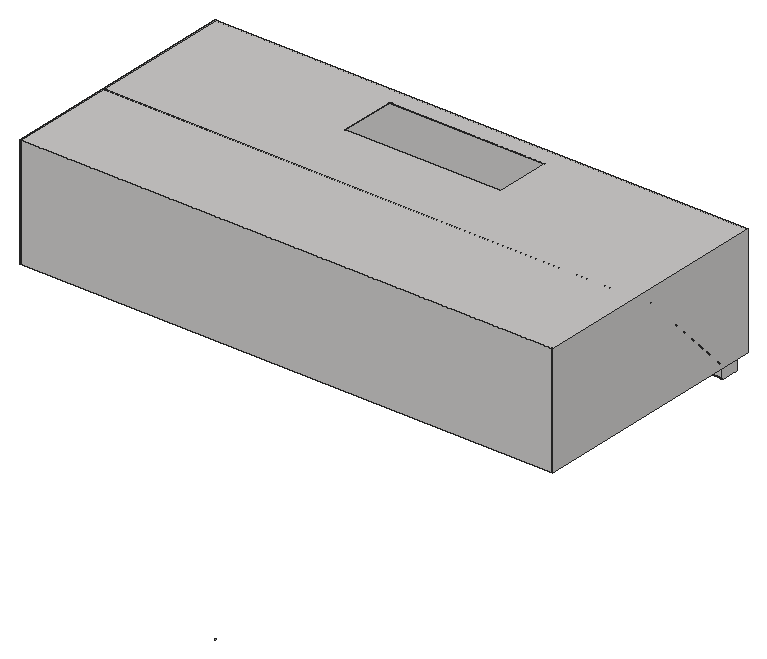
Revit family "QF_ELECTROLUXPROFESSIONAL_642018_EP1124T", category Specialty Equipment, Revit 2014
Reference planes
  plane 1 "Center (Front/Back)": y = 0
  plane 2: z = 0
  plane 3 "Center (Left/Right)": x = 150
  plane 4 "LEFT": x = -1050
  plane 5 "RIGHT": x = 1350
  plane 6 "BACK": y = 550
  plane 7 "FRONT": y = -550
  plane 8 "TOP": z = 2500
  plane 9 "Base": z = 2000
  plane 10: z = 1926
  plane 11 "DrainY": y = 485
  plane 12: x = -1047
  plane 13: through (0, 414.509, 2000.8) normal (0, 0.7314, 0.682)
  plane 14: y = 470
  plane 15: y = 220
  plane 16 "DrainX": x = 1230
  plane 17: x = 500
  plane 18: x = -200
  plane 19: x = 1347
  plane 20: x = 1140
  plane 21: x = 1320
  plane 22: x = -1010
  plane 23: x = -645
  plane 24: x = -450
  plane 25: x = 1310
  plane 26: x = 945
  plane 27: x = 750
  plane 28: x = -47.5
  plane 29: x = 347.5
Forms (mm)
  Extrusion 1, solid, material "QF_Finishes_Stainless Steel"
    sketch origin (-1050, 0, 360) x (0, 1, 0) y (0, 0, 1)
      loop
        line (550, 1640) -> (550, 2140) -> (-550, 2140) -> (-550, 1640) -> (550, 1640)
    from 0 to 3
  Extrusion 2, solid, material "QF_Finishes_Stainless Steel"
    sketch origin (150, 0, 360) x (0, 1, 0) y (0, 0, 1)
      loop
        line (415.255, 1640) -> (550, 1640) -> (550, 2139.19) -> (549.2, 2139.19) -> (549.2, 1640.8) -> (415.876, 1640.8) -> (339.347, 1722.867) -> (349.609, 1732.436) -> (348.927, 1733.167) -> (337.934, 1722.917) -> (415.255, 1640)
      loop
        line (-82.203, 2139.19) -> (-82.203, 2118.6) -> (-31.047, 2118.6) -> (34.354, 2048.466) -> (46.028, 2059.352) -> (45.346, 2060.083) -> (34.403, 2049.879) -> (-30.612, 2119.6) -> (-81.203, 2119.6) -> (-81.203, 2139.19) -> (-82.203, 2139.19)
    from -1197 to 1197
  Extrusion 3, solid, material "QF_Finishes_Stainless Steel"
    sketch origin (1350, 0, 360) x (0, 1, 0) y (0, 0, 1)
      loop
        line (550, 1640) -> (550, 2140) -> (-550, 2140) -> (-550, 1640) -> (550, 1640)
    from 0 to -3
  Extrusion 4, solid, material "QF_Finishes_Stainless Steel"
    sketch origin (150, 0, 360) x (0, 1, 0) y (0, 0, 1)
      loop
        line (-550, 2140) -> (-550, 1640) -> (-549.2, 1640) -> (-549.2, 2139.19) -> (550, 2139.19) -> (550, 2140) -> (-550, 2140)
    from -1200 to 1200
  Extrusion 5, solid, material "QF_Finishes_Stainless Steel"
    sketch origin (150, 0, 360) x (0, 1, 0) y (0, 0, 1)
      loop
        line (534, 1640) -> (436, 1640) -> (436, 1627) -> (443.5, 1627) -> (443.5, 1576)
        arc (443.5, 1576) -> (446.429, 1568.929) -> (453.5, 1566) r 10
        line (453.5, 1566) -> (516.5, 1566)
        arc (516.5, 1566) -> (523.571, 1568.929) -> (526.5, 1576) r 10
        line (526.5, 1576) -> (526.5, 1627) -> (534, 1627) -> (534, 1640)
    from 990 to 1170
  Extrusion 6, solid, material "QF_Finishes_Stainless Steel"
    sketch origin (0, 0, 2000) x (0, 1, 0) y (-1, 0, 0)
      loop
        circle (485, -1230) r 20
    from -76 to -74
  Extrusion 7, solid, material "QF_Finished_Chrome"
    sketch origin (150, 0, 360) x (0, 1, 0) y (0, 0, 1)
      loop
        line (337.934, 1722.917) -> (341.591, 1726.327) -> (38.011, 2051.876) -> (34.354, 2048.466) -> (337.934, 1722.917)
    from -795 to -1160
  Extrusion 8, solid, material "QF_Finished_Chrome"
    sketch origin (150, 0, 360) x (0, 1, 0) y (0, 0, 1)
      loop
        line (337.934, 1722.917) -> (341.591, 1726.327) -> (38.011, 2051.876) -> (34.354, 2048.466) -> (337.934, 1722.917)
    from -197.5 to -600
  Extrusion 9, solid, material "QF_Finishes_Stainless Steel"
    sketch origin (150, 0, 360) x (0, 1, 0) y (0, 0, 1)
      loop
        line (337.934, 1722.917) -> (341.591, 1726.327) -> (38.011, 2051.876) -> (34.354, 2048.466) -> (337.934, 1722.917)
    from 1197 to 1160
  Extrusion 10, solid, material "QF_Finishes_Stainless Steel"
    sketch origin (150, 0, 360) x (0, 1, 0) y (0, 0, 1)
      loop
        line (341.588, 1726.324) -> (38.009, 2051.874) -> (34.354, 2048.466) -> (337.934, 1722.917) -> (341.588, 1726.324)
    from -795 to -600
  Extrusion 11, solid, material "QF_Finished_Chrome"
    sketch origin (150, 0, 360) x (0, 1, 0) y (0, 0, 1)
      loop
        line (341.588, 1726.324) -> (38.009, 2051.874) -> (34.354, 2048.466) -> (337.934, 1722.917) -> (341.588, 1726.324)
    from 795 to 1160
  Extrusion 12, void
    sketch origin (0, 0, 2500) x (0, 1, 0) y (-1, 0, 0)
      loop
        line (470, 200) -> (220, 200) -> (220, -500) -> (470, -500) -> (470, 200)
    from 0 to -10
  Extrusion 13, solid, material "QF_Finishes_Stainless Steel"
    sketch origin (0, 0, 0) x (1, 0, 0) y (0, 1, 0)
      loop
        line (-1050, 550) -> (-1050, 549) -> (-1049, 549) -> (-1049, 550) -> (-1050, 550)
    from 0 to 1
  Extrusion 14, solid, material "QF_Finishes_Stainless Steel"
    sketch origin (150, 0, 360) x (0, 1, 0) y (0, 0, 1)
      loop
        line (337.934, 1722.917) -> (341.591, 1726.327) -> (38.011, 2051.876) -> (34.354, 2048.466) -> (337.934, 1722.917)
    from -1160 to -1197
  Extrusion 15, solid, material "QF_Finishes_Stainless Steel"
    sketch origin (150, 0, 360) x (0, 1, 0) y (0, 0, -1)
      loop
        line (341.588, -1726.324) -> (337.934, -1722.917) -> (34.354, -2048.466) -> (38.009, -2051.874) -> (341.588, -1726.324)
    from -795 to -600
  Extrusion 16, solid, material "QF_Finished_Chrome"
    sketch origin (150, 0, 360) x (0, 1, 0) y (0, 0, 1)
      loop
        line (337.934, 1722.917) -> (341.591, 1726.327) -> (38.011, 2051.876) -> (34.354, 2048.466) -> (337.934, 1722.917)
    from 600 to 197.5
  Extrusion 17, solid, material "QF_Finishes_Stainless Steel"
    sketch origin (150, 0, 360) x (0, 1, 0) y (0, 0, -1)
      loop
        line (341.588, -1726.324) -> (337.934, -1722.917) -> (34.354, -2048.466) -> (38.009, -2051.874) -> (341.588, -1726.324)
    from -197.5 to 197.5
Cuts and joins
  Extrusion 12 cuts Extrusion 4
  joined: Extrusion 2, Extrusion 4
Lines and regions (mm)
  reference lines
    curve 1: line (150, 34.354, 2408.466) -> (150, 34.354, 2248.466)
  symbolic lines, style "SpecialityEquipment", detail levels coarse
    curve 2: line (1350, 550, 2500) -> (-1050, 550, 2500)
    curve 3: line (-1050, 550, 2500) -> (-1050, -550, 2500)
    curve 4: line (1350, -550, 2500) -> (1350, 550, 2500)
    curve 5: line (-1050, -550, 2500) -> (1350, -550, 2500)
    curve 6: line (-200, 220, 2500) -> (500, 220, 2500)
    curve 7: line (-200, 470, 2500) -> (-200, 220, 2500)
    curve 8: line (500, 470, 2500) -> (-200, 470, 2500)
    curve 9: line (500, 220, 2500) -> (500, 470, 2500)
    curve 10: line (-1050, 550, 0) -> (1350, -550, 0)
    curve 11: line (1350, 550, 0) -> (-1050, -550, 0)
Dimensions and locks
  plane 4 "LEFT" to plane 5 "RIGHT" = 2400 mm
  equal spacing: plane 4 "LEFT", plane 3 "Center (Left/Right)", plane 5 "RIGHT"
  plane 9 "Base" to plane 10 = 74 mm
  plane 6 "BACK" to plane 11 "DrainY" = 65 mm  (x2)
  plane 4 "LEFT" to plane 12 = 3 mm
  plane 6 "BACK" to plane 14 = 80 mm
  plane 14 to plane 15 = 250 mm  (x2)
  plane 16 "DrainX" to plane 5 "RIGHT" = 120 mm
  plane 19 to plane 5 "RIGHT" = 3 mm
  locked: plane 20 to plane 16 "DrainX" at 90
  locked: plane 16 "DrainX" to plane 21 at 90
  plane 6 "BACK" to plane 7 "FRONT" = 1100 mm  (x2)
  equal spacing: plane 6 "BACK", plane 1 "Center (Front/Back)", plane 7 "FRONT"
  plane 15 to plane 7 "FRONT" = 770 mm
  plane 14 to plane 6 "BACK" = 80 mm
  locked: plane 4 "LEFT" to plane 22 at 40
  locked: plane 22 to plane 23 at 365
  locked: plane 23 to plane 24 at 195
  locked: plane 25 to plane 26 at 365
  locked: plane 26 to plane 27 at 195
  locked: plane 25 to plane 5 "RIGHT" at 40
  locked: plane 28 to plane 29 at 395
  equal spacing: plane 28, plane 3 "Center (Left/Right)", plane 29
  locked: plane 18 to plane 17 at 700
  equal spacing: plane 18, plane 3 "Center (Left/Right)", plane 17
  plane 24 to plane 28 = 402.5 mm
  plane 29 to plane 27 = 402.5 mm
  locked: plane 9 "Base" to level at 2000
  locked: plane 8 "TOP" to plane 9 "Base" at 500
  aligned and locked: level to plane 2
  aligned and locked: Extrusion 2 to Extrusion 1
  aligned and locked: Extrusion 2 to Extrusion 3
  aligned and locked: plane 5 "RIGHT" to Extrusion 4
  aligned and locked: Extrusion 4 to plane 4 "LEFT"
  aligned and locked: plane 19 to Extrusion 9
  aligned and locked: plane 18 to Extrusion 12
  aligned and locked: Extrusion 12 to plane 17
  aligned and locked: Extrusion 12 to plane 15
  aligned and locked: Extrusion 12 to plane 14
  aligned and locked: Extrusion 2 to Extrusion 4
  aligned and locked: plane 21 to Extrusion 5
  aligned and locked: Extrusion 5 to plane 20
  aligned and locked: Extrusion 9 to plane 25
  aligned and locked: Extrusion 11 to plane 25
  aligned and locked: Extrusion 11 to plane 26
  aligned and locked: Extrusion 8 to plane 24
  aligned and locked: plane 24 to Extrusion 10
  aligned and locked: Extrusion 10 to plane 23
  aligned and locked: plane 23 to Extrusion 7
  aligned and locked: Extrusion 7 to plane 22
  aligned and locked: Extrusion 14 to plane 12
  aligned and locked: plane 22 to Extrusion 14
  aligned and locked: Extrusion 15 to plane 27
  aligned and locked: Extrusion 15 to plane 26
  aligned and locked: Extrusion 3 to plane 19
  aligned and locked: plane 28 to Extrusion 8
  aligned and locked: Extrusion 16 to plane 27
  aligned and locked: Extrusion 16 to plane 29
  aligned and locked: plane 29 to Extrusion 17
  aligned and locked: Extrusion 17 to plane 28
Automatic sketch dimensions
  curve 5 to plane 4 "LEFT" = 0 mm
  curve 5 to plane 7 "FRONT" = 0 mm
  curve 9 to plane 15 = 0 mm
  plane 14 to curve 8 = 0 mm
  curve 3 to plane 6 "BACK" = 0 mm
  curve 5 to plane 5 "RIGHT" = 0 mm
  curve 6 to plane 17 = 0 mm
  curve 6 to plane 18 = 0 mm
  Extrusion 1 sketch curve to plane 9 "Base" = 0 mm
  Extrusion 1 sketch curve to plane 6 "BACK" = 0 mm
  Extrusion 1 sketch curve to plane 8 "TOP" = 0 mm
  Extrusion 2 sketch curve to plane 13 = 0 mm  (x3)
  Extrusion 2 sketch curve to plane 9 "Base" = 0 mm
  plane 13 to Extrusion 2 sketch curve = 0 mm
  Extrusion 2 sketch curve to plane 6 "BACK" = 0 mm
  Extrusion 2 sketch curve to Extrusion 2 sketch curve = 65.646 mm
  Extrusion 2 sketch curve to Extrusion 2 sketch curve = 0.682 mm  (x2)
  Extrusion 2 sketch curve to Extrusion 2 sketch curve = 10.261 mm
  plane 9 "Base" to Extrusion 2 sketch curve = 82.917 mm
  Extrusion 2 sketch curve to plane 1 "Center (Front/Back)" = 46.028 mm
  Extrusion 2 sketch curve to Extrusion 2 sketch curve = 10.942 mm
  Extrusion 2 sketch curve to Extrusion 2 sketch curve = 0.049 mm
  Extrusion 2 sketch curve to plane 8 "TOP" = 20.4 mm
  Extrusion 2 sketch curve to plane 8 "TOP" = 21.4 mm
  Extrusion 2 sketch curve to plane 8 "TOP" = 0.81 mm  (x2)
  Extrusion 2 sketch curve to Extrusion 2 sketch curve = 50.156 mm
  Extrusion 2 sketch curve to Extrusion 2 sketch curve = 1 mm
  plane 9 "Base" to Extrusion 2 sketch curve = 0.8 mm
  Extrusion 2 sketch curve to plane 6 "BACK" = 0.8 mm
  Extrusion 3 sketch curve to plane 9 "Base" = 0 mm
  Extrusion 3 sketch curve to plane 6 "BACK" = 0 mm
  Extrusion 3 sketch curve to plane 8 "TOP" = 0 mm
  Extrusion 4 sketch curve to plane 7 "FRONT" = 0 mm
  Extrusion 4 sketch curve to plane 6 "BACK" = 0 mm
  Extrusion 4 sketch curve to plane 8 "TOP" = 0 mm
  plane 7 "FRONT" to Extrusion 4 sketch curve = 0.8 mm
  Extrusion 4 sketch curve to plane 8 "TOP" = 0.81 mm
  curve 1 to plane 13 = 0 mm
  curve 1 to plane 1 "Center (Front/Back)" = 34.354 mm
  Extrusion 5 sketch curve to plane 9 "Base" = 0 mm
  Extrusion 5 sketch curve to plane 10 = 0 mm
  Extrusion 5 sketch curve to plane 9 "Base" = 13 mm  (x2)
  plane 14 to Extrusion 5 sketch curve = 34 mm
  Extrusion 5 sketch curve to Extrusion 5 sketch curve = 7.5 mm  (x2)
  Extrusion 5 sketch curve to Extrusion 5 sketch curve = 10 mm
  plane 11 "DrainY" to Extrusion 5 sketch curve = 31.5 mm
  Extrusion 5 sketch curve to plane 6 "BACK" = 23.5 mm
  Extrusion 6 sketch curve to plane 11 "DrainY" = 0 mm
  Extrusion 6 sketch curve to plane 16 "DrainX" = 0 mm
  Extrusion 7 sketch curve to plane 13 = 0 mm  (x2)
  Extrusion 7 sketch curve to plane 1 "Center (Front/Back)" = 34.354 mm
  Extrusion 7 sketch curve to Extrusion 7 sketch curve = 3.657 mm
  plane 9 "Base" to Extrusion 7 sketch curve = 82.917 mm
  Extrusion 8 sketch curve to plane 13 = 0 mm  (x2)
  Extrusion 8 sketch curve to plane 1 "Center (Front/Back)" = 34.354 mm
  Extrusion 8 sketch curve to Extrusion 8 sketch curve = 3.657 mm
  plane 9 "Base" to Extrusion 8 sketch curve = 82.917 mm
  Extrusion 9 sketch curve to plane 13 = 0 mm  (x2)
  Extrusion 9 sketch curve to plane 1 "Center (Front/Back)" = 34.354 mm
  Extrusion 9 sketch curve to Extrusion 9 sketch curve = 3.657 mm
  plane 9 "Base" to Extrusion 9 sketch curve = 82.917 mm
  Extrusion 10 sketch curve to plane 13 = 0 mm  (x2)
  Extrusion 10 sketch curve to plane 1 "Center (Front/Back)" = 34.354 mm
  Extrusion 10 sketch curve to Extrusion 10 sketch curve = 3.655 mm
  plane 9 "Base" to Extrusion 10 sketch curve = 82.917 mm
  Extrusion 11 sketch curve to plane 13 = 0 mm  (x2)
  Extrusion 11 sketch curve to plane 1 "Center (Front/Back)" = 34.354 mm
  Extrusion 11 sketch curve to Extrusion 11 sketch curve = 3.655 mm
  plane 9 "Base" to Extrusion 11 sketch curve = 82.917 mm
  Extrusion 12 sketch curve to plane 15 = 0 mm
  plane 14 to Extrusion 12 sketch curve = 0 mm
  Extrusion 12 sketch curve to plane 17 = 0 mm
  Extrusion 12 sketch curve to plane 18 = 0 mm
  Extrusion 13 sketch curve to plane 4 "LEFT" = 0 mm
  Extrusion 13 sketch curve to plane 6 "BACK" = 0 mm
  plane 4 "LEFT" to Extrusion 13 sketch curve = 1 mm
  Extrusion 13 sketch curve to Extrusion 13 sketch curve = 1 mm
  Extrusion 14 sketch curve to plane 13 = 0 mm  (x2)
  Extrusion 14 sketch curve to plane 1 "Center (Front/Back)" = 34.354 mm
  Extrusion 14 sketch curve to Extrusion 14 sketch curve = 3.657 mm
  plane 9 "Base" to Extrusion 14 sketch curve = 82.917 mm
  Extrusion 15 sketch curve to plane 13 = 0 mm  (x2)
  Extrusion 15 sketch curve to plane 1 "Center (Front/Back)" = 34.354 mm
  Extrusion 15 sketch curve to Extrusion 15 sketch curve = 3.655 mm
  plane 9 "Base" to Extrusion 15 sketch curve = 82.917 mm
  Extrusion 16 sketch curve to plane 13 = 0 mm  (x2)
  Extrusion 16 sketch curve to plane 1 "Center (Front/Back)" = 34.354 mm
  Extrusion 16 sketch curve to Extrusion 16 sketch curve = 3.657 mm
  plane 9 "Base" to Extrusion 16 sketch curve = 82.917 mm
  Extrusion 17 sketch curve to plane 13 = 0 mm  (x2)
  Extrusion 17 sketch curve to plane 1 "Center (Front/Back)" = 34.354 mm
  Extrusion 17 sketch curve to Extrusion 17 sketch curve = 3.655 mm
  plane 9 "Base" to Extrusion 17 sketch curve = 82.917 mm
  Extrusion 4 sketch curve to Extrusion 4 sketch curve = 499.19 mm
  curve 1 to curve 1 = 160 mm
  Extrusion 1 sketch curve to plane 7 "FRONT" = 0 mm
  Extrusion 3 sketch curve to plane 7 "FRONT" = 0 mm
  curve 11 to plane 4 "LEFT" = 0 mm
  curve 10 to plane 4 "LEFT" = 0 mm
  curve 11 to plane 5 "RIGHT" = 0 mm
  curve 10 to plane 5 "RIGHT" = 0 mm
  curve 10 to plane 7 "FRONT" = 0 mm
  curve 11 to plane 7 "FRONT" = 0 mm
  curve 11 to plane 6 "BACK" = 0 mm
  curve 10 to plane 6 "BACK" = 0 mm
  radius of Extrusion 6 sketch curve = 20 mm
Connectors
  piping at (1230, 485, 1924), diameter 20
    settings: on Extrusion 6, index 1, connector inside diameter 609.6 mm, connector length 0 mm, flow factor 0, pipe flow 0.0 L/s, pressure drop 0.0 Pa, fitting loss kfactor 0, connector angle 0.00°, fixture units 0, engagement length 0 mm, angle of deflection 0.00°, flow configuration 1, flow direction 2, fitting loss method 0, system type 16, joint type 0, gender type 0, connector reference index -1, connector utility 0, adjustable connector no, is connector primary yes, connector description "Drain"
  hvac at (150, 345, 2500)
    settings: on Extrusion 12, index 2, duct flow 0.0 L/s, flow factor 0, pres drop 0.0 Pa, loss coef 0, conn angle 0.00°, conn width 250 mm, conn height 700 mm, conn diameter 609.6 mm, duct sys type 3, conn prof type 1, flow config 1, flow direction 0, loss method 0, conn ref index -1, conn util no, is conn primary yes, conn desc "EXHAUST OUTLET"
